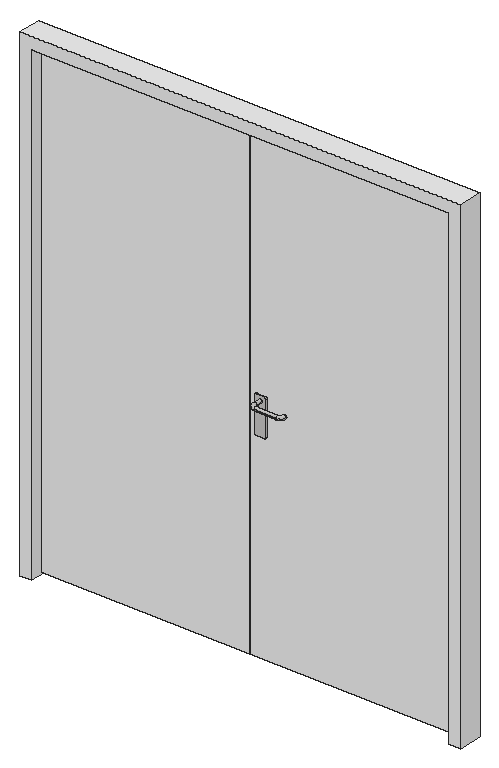
Revit family "Double Flush", category Doors, host Wall, Revit 2015
Parameters (values of type "18x21M")
  Wall Thickness [instance] = 150 mm
  URL = "www.cad-q.no"
  Thickness = 50 mm
  Module Width = Rough Width / 100 mm  # 19
  Module Height = Rough Height / 100 mm  # 21
  Gap Side [instance] = 10 mm
  Gap Top [instance] = 20 mm
  Threshold [instance] = no
  Rough Width = 1890 mm
  Rough Height = 2090 mm
  Model = ""
  Material Threshold = Wood
  Material Panel = none
  Material Frame = none
  Offset [instance] = 0 mm
  Height [instance] = Rough Height + Gap Top  # 2110 mm
  Wall Closure = By host
  Width [instance] = Rough Width + Gap Side * 2  # 1910 mm
  Function = Interior
  Frame Width = 50 mm
  Frame Depth = 100 mm
  Fire Rating = "-"
  DoorBasalOpening = "V"
  Door Handle [instance] = Stainless Steel : Stainless Steel
  Construction Type = ""
Reference planes
  plane 1: y = -10
  plane 2 "Center (Left/Right)": x = 0
  plane 3 "Left": x = -945
  plane 4 "Right": x = 945
  plane 5: z = 2090
  plane 6 "Exterior": y = 65
  plane 7 "Interior": y = -85
  plane 8: x = -955
  plane 9: x = 955
  plane 10 "Offset": y = 65
  plane 11: z = 2110
  plane 12: z = 1045
  plane 13: x = 50
  plane 14: x = -955
  plane 15: x = 955
  plane 16: y = -35
  plane 17: z = 2110
Forms (mm)
  Sweep 1, solid, material <- "Material Frame"
    path origin (0, 65, 0) x (-1, 0, 0) y (0, 0, 1)
      loop
        line (945, 0) -> (945, 2090) -> (-945, 2090) -> (-945, 0)
    profile origin (945, 65, 1045) x (0, 1, 0) y (-1, 0, 0)
      loop
        line (0, 0) -> (0, 50) -> (-100, 50) -> (-100, 0) -> (0, 0)
  Sweep 2, solid, material "Wood" <- "Material Threshold", visible <- "Threshold"
    path origin (0, 65, 0) x (-1, 0, 0) y (0, 0, 1)
      loop
        line (-895, 0) -> (895, 0)
    profile origin (0, 65, 0) x (0, 0, 1) y (0, 1, 0)
      loop
        line (0, 0) -> (0, -100) -> (10, -100) -> (10, 0) -> (0, 0)
  Extrusion 3, solid, material <- "Material Panel"
    sketch origin (0, 65, 0) x (-1, 0, 0) y (0, 0, 1)
      loop
        line (-895, 10) -> (0, 10) -> (0, 2040) -> (-895, 2040) -> (-895, 10)
    from 0 to -50
  Extrusion 4, solid, material <- "Material Panel"
    sketch origin (0, 65, 0) x (-1, 0, 0) y (0, 0, 1)
      loop
        line (895, 10) -> (895, 2040) -> (0, 2040) -> (0, 10) -> (895, 10)
    from 0 to -50
Lines and regions (mm)
  Opening 1
    outline origin (-3050, -85, 0) x (1, 0, 0) y (0, 0, 1)
      loop
        line (2095, 0) -> (4005, 0) -> (4005, 2110) -> (2095, 2110) -> (2095, 0)
  symbolic lines, style "Plan Swing", detail levels medium+fine
    curve 1: line (-895, 65, 0) -> (-895, 960, 0)
    curve 2: arc (0, 65, 0) -> (-262.139, 697.861, 0) -> (-895, 960, 0) r 895
    curve 3: line (895, 65, 0) -> (895, 960, 0)
    curve 4: arc (0, 65, 0) -> (262.139, 697.861, 0) -> (895, 960, 0) r 895
  symbolic lines, style "Plan Swing", detail levels coarse
    curve 5: line (-955, 65, 0) -> (-955, 1020, 0)
    curve 6: arc (0, 65, 0) -> (-279.713, 740.287, 0) -> (-955, 1020, 0) r 955
    curve 7: line (955, 65, 0) -> (955, 1020, 0)
    curve 8: arc (0, 65, 0) -> (279.713, 740.287, 0) -> (955, 1020, 0) r 955
  symbolic lines, style "DoorsFrameMullionProjection", detail levels medium
    curve 9: line (-955, 65, 0) -> (-895, 65, 0)
    curve 11: line (-895, -35, 0) -> (-955, -35, 0)
    curve 15: line (955, 65, 0) -> (895, 65, 0)
    curve 17: line (895, -35, 0) -> (955, -35, 0)
  symbolic lines, style "DoorsFrameMullionProjection", detail levels medium+fine
    curve 10: line (-895, 65, 0) -> (-895, -35, 0)
    curve 16: line (895, 65, 0) -> (895, -35, 0)
  symbolic lines, style "DoorsFrameMullionProjection", detail levels fine
    curve 12: line (-895, 65, 0) -> (-945, 65, 0)
    curve 13: line (-945, 65, 0) -> (-945, -35, 0)
    curve 14: line (-945, -35, 0) -> (-895, -35, 0)
    curve 18: line (895, 65, 0) -> (945, 65, 0)
    curve 19: line (945, 65, 0) -> (945, -35, 0)
    curve 20: line (945, -35, 0) -> (895, -35, 0)
  symbolic lines, style "DoorsFrameMullionProjection", visible <- "Threshold", detail levels medium+fine
    curve 21: line (-895, -35, 0) -> (895, -35, 0)
    curve 22: line (-895, 65, 0) -> (895, 65, 0)
  symbolic lines, style "Elevation Swing", detail levels medium+fine
    curve 23: line (945, 65, 2090) -> (0, 65, 1045)
    curve 24: line (0, 65, 1045) -> (945, 65, 0)
    curve 25: line (-945, 65, 2090) -> (0, 65, 1045)
    curve 26: line (0, 65, 1045) -> (-945, 65, 0)
Text (mm)
  text "Exterior" at (-2295.016, 1099.543, 0), in view "Ref. Level"
  text "Exterior" at (0, 1615.38, 3698.081), in view "Left"
  text "Exterior" at (0, 1036.032, 3874.932), in view "Right"
Dimensions and locks
  equal spacing: plane 3 "Left", plane 2 "Center (Left/Right)", plane 4 "Right"
  "Rough Width": plane 3 "Left" to plane 4 "Right"
  "Rough Height": plane 5 to host wall
  locked: plane 6 "Exterior" to host wall at 0
  locked: plane 7 "Interior" to host wall
  "Gap Side": plane 4 "Right" to plane 9
  "Gap Side": plane 8 to plane 3 "Left"
  "Gap Top": plane 5 to plane 11
  "Offset": plane 6 "Exterior" to plane 10 "Offset"
  locked: Sweep 2 sketch curve to Sweep 2 sketch curve at 10
  equal spacing: level, plane 12, plane 5
  locked: plane 13 to plane 2 "Center (Left/Right)" at 50
  "Frame Depth": plane 10 "Offset" to plane 16
  "Frame Width": Sweep 1 sketch curve to plane 4 "Right"
  "Wall Thickness": host wall to host wall
  "Thickness": plane 10 "Offset" to Extrusion 4
  "Thickness": plane 10 "Offset" to Extrusion 3
  aligned and locked: Opening 1 sketch curve to level
  aligned and locked: plane 1 to host wall
  aligned and locked: Opening 1 sketch curve to plane 9
  aligned and locked: plane 11 to Opening 1 sketch curve
  aligned and locked: Opening 1 sketch curve to plane 8
  aligned and locked: Sweep 2 sketch curve to Sweep 1
  aligned and locked: profile plane to Sweep 2 sketch curve
  aligned and locked: Sweep 1 sketch curve to plane 10 "Offset"
  aligned and locked: Sweep 1 to Extrusion 3 sketch curve
  aligned and locked: Extrusion 3 sketch curve to Sweep 1
  aligned and locked: Extrusion 3 sketch curve to plane 2 "Center (Left/Right)"
  aligned and locked: Sweep 2 to Extrusion 3 sketch curve
  aligned and locked: Extrusion 4 sketch curve to Sweep 2
  aligned and locked: Extrusion 4 sketch curve to plane 2 "Center (Left/Right)"
  aligned and locked: Sweep 1 to Extrusion 4 sketch curve
  aligned and locked: Extrusion 4 sketch curve to Sweep 1
  aligned and locked: curve 9 to plane 10 "Offset"
  aligned and locked: curve 10 to Sweep 1
  aligned and locked: plane 10 "Offset" to curve 12
  aligned and locked: plane 3 "Left" to curve 13
  aligned and locked: Sweep 1 to curve 16
  aligned and locked: plane 10 "Offset" to curve 15
  aligned and locked: curve 18 to plane 10 "Offset"
  aligned and locked: plane 4 "Right" to curve 19
  aligned and locked: plane 8 to plane 14
  aligned and locked: plane 9 to plane 15
  aligned and locked: plane 16 to Sweep 1 sketch curve
  aligned and locked: Sweep 2 sketch curve to plane 16
  aligned and locked: plane 17 to plane 11
  aligned and locked: nested 1 to plane 13
  aligned and locked: nested 2 to plane 10 "Offset"
  aligned and locked: Extrusion 3 to nested 1
  aligned and locked: plane 13 to nested 2
Automatic sketch dimensions
  Sweep 1 sketch curve to level = 0 mm  (x2)
  Sweep 1 sketch curve to plane 4 "Right" = 0 mm
  Sweep 1 sketch curve to plane 3 "Left" = 0 mm
  Sweep 1 sketch curve to plane 5 = 0 mm
  Sweep 1 sketch curve to profile plane = 0 mm
  Sweep 2 sketch curve to level = 0 mm
  Sweep 2 sketch curve to plane 3 "Left" = 50 mm
  Sweep 2 sketch curve to profile plane = 0 mm
  curve 5 to host wall = 0 mm
  curve 5 to plane 8 = 0 mm
  curve 11 to plane 8 = 0 mm
  curve 9 to plane 8 = 0 mm
  curve 8 to plane 2 "Center (Left/Right)" = 0 mm
  curve 6 to plane 2 "Center (Left/Right)" = 0 mm
  curve 4 to plane 2 "Center (Left/Right)" = 0 mm
  curve 2 to plane 2 "Center (Left/Right)" = 0 mm
  curve 17 to plane 9 = 0 mm
  curve 15 to plane 9 = 0 mm
  curve 7 to host wall = 0 mm
  curve 7 to plane 9 = 0 mm
  curve 19 to plane 16 = 0 mm
  curve 24 to level = 0 mm
  plane 4 "Right" to curve 24 = 0 mm
  plane 4 "Right" to curve 23 = 0 mm
  curve 24 to plane 2 "Center (Left/Right)" = 0 mm
  curve 26 to level = 0 mm
  plane 3 "Left" to curve 26 = 0 mm
  plane 3 "Left" to curve 25 = 0 mm
  curve 24 to plane 12 = 0 mm
  curve 25 to plane 5 = 0 mm
  curve 23 to plane 5 = 0 mm
Nested families
  nested 1: "Stainless Steel" at (50, 15, 1000), type <- "Door Handle", type "Stainless Steel"
  nested 2: "Stainless Steel" at (50, 65, 1000), type <- "Door Handle", type "Stainless Steel"
Definition of nested family "Stainless Steel"
  Parameters
    Assembly Code = ""
  Reference planes
    plane 1 "Center (Front/Back)": y = 0
    plane 2: z = 0
    plane 3 "Center (Left/Right)": x = 0
  Forms (mm)
    Extrusion 1, solid, detail levels medium+fine
      sketch origin (0, 0, 0) x (1, 0, 0) y (0, 0, 1)
        loop
          arc (-18, 22) -> (-22.95, 19.95) -> (-25, 15) r 7
          line (-25, 15) -> (-25, -130.014)
          arc (-25, -130.014) -> (-22.95, -134.963) -> (-18, -137.014) r 7
          line (-18, -137.014) -> (18, -137.014)
          arc (18, -137.014) -> (22.95, -134.963) -> (25, -130.014) r 7
          line (25, -130.014) -> (25, 15)
          arc (25, 15) -> (22.95, 19.95) -> (18, 22) r 7
          line (18, 22) -> (-18, 22)
      from 0 to 5.6
    Sweep 2, solid, detail levels medium+fine
      path origin (0, 0, 0) x (1, 0, 0) y (0, 1, 0)
        loop
          line (0, -5.608) -> (0, -35.608)
          arc (0, -35.608) -> (5.858, -49.75) -> (20, -55.608) r 20
          line (20, -55.608) -> (116.25, -55.608)
          arc (116.25, -55.608) -> (125.973, -51.58) -> (130, -41.858) r 13.75
          line (130, -41.858) -> (130, -38.476)
      profile origin (0, -20.608, 0) x (1, 0, 0) y (0, 0, 1)
        loop
          circle (0, 0) r 7.5
